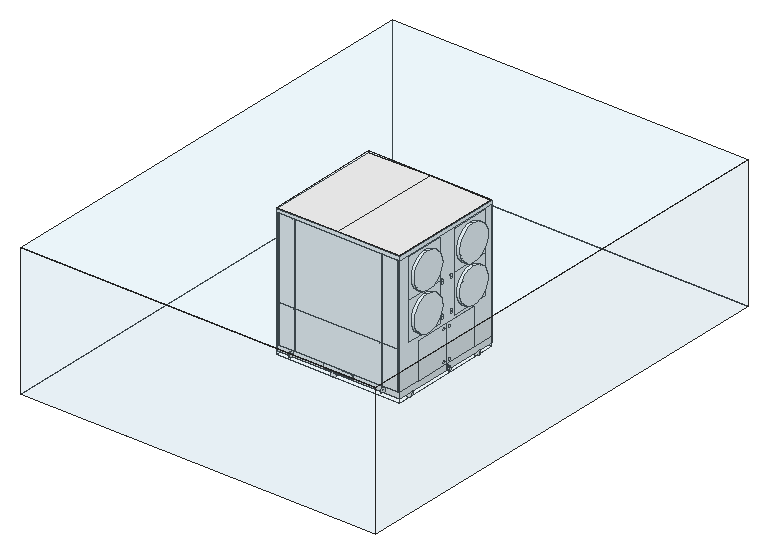
Revit family "VITOCAL 200-A PRO AWO-AC 204.A128 EN", category Mechanical Equipment, Revit 2021
Family settings
  Round Connector Dimension = Use Diameter
  Part Type = Normal
  OmniClass Number = 23.75.10.21.17
  OmniClass Title = Water-Source Heat Pumps
  Work Plane-Based = No
  Always vertical = Yes
  Cut with Voids When Loaded = No
  Shared = No
  Room Calculation Point = No
Parameters (values of type "VITOCAL 200-A PRO AWO-AC 204.A128")
  Heating water. Nominal volumetric flow = "19 380 l/h"
  Medium temperature application (W55). Rated heating power P-rated (kWt) = 108
  Medium temperature application (W55). Seasonal efficiency rating (SCOP) = 3.29
  Medium temperature application (W55). MT Energy efficiency ηS  (%) = 129
  Low temperature application (W35). Rated heating power / P-rated (kWt) = 99
  Width (overall) = 2280.00 mm
  Ventilator. Internal security = "B10A"
  Low temperature application (W35). Seasonal efficiency rating (SCOP) = 4.4
  Art of electrical protection = "IPX4"
  Compressor. Maximal operating current (A) = "2 x 53,4"
  Compressor. Maximal power consumption of the compressor (for parameters A2/W35, including fans) (kWe) = "2 x 14.600 kW"
  Hydraulic connections. Heating water supply and return (external thread) = "G 2½"
  Heat intake from outside air. Nominal volumetric air flow (m3/h) = "19 100 m3/h"
  Heat intake from outside air. Minimal inlet air temperature = "–20 °C"
  Heat intake from outside air. Maximal electrical power of fan(s) = "8 x 500 W"
  Heat intake from outside air. Maximal inlet air temperature = "35 °C"
  Heat intake from outside air. Amount of condensation water at 87% humidity = "60"
  Heating water. Water capacity of device = "17.3 l"
  Heating water. Flow Resistances of nominal volumetric flow = "7.1 kPa"
  Heating water. Flow Resistances of minimum volumetric flow = "2.9 kPa"
  Sound power level (dBA) = "71.6 dB(A)"
  Refrigeration circuit. Compressor = "Scroll"
  Refrigeration circuit. Type of oil in the compressor = "Idemitsu FV68S"
  Refrigeration circuit. Amount of oil in the compressor(s) = "2.8"
  Refrigeration circuit. Refrigerant quantity in the device = 43.00 kg
  Refrigeration circuit. CO2 equivalent = "76.3"
  Refrigeration circuit. Refrigerant medium = "R407C"
  Refrigeration circuit. Safety fittings = "A1"
  Refrigeration circuit. Global Warming Potential (GWP) = "1774"
  Ventilator. Rated voltage (v) = "1/N/PE 230 V/50 Hz"
  Heating water. Minimum volumetric flow (by 1 compressor running) = "2800 l/h"
  Heating water. Minimal return temperature (Inlet to device) = "20 °C"
  Heating water. Maximal supply temperature (Outlet from device) = "65 °C"
  Compressor. Max. cross-section of electrical connecting cables (mm2) = "16 mm2"
  Nominal cooling power (kWt) = 139.9 kW
  Nominal heating power (kWt) = 112.4 kW
  Compressor. Required security of electrical connection = "i 3 x C63A Kombi"
  URL = "https://www.viessmann.pl/"
  Required service area for the staff [instance] = yes
  COP factor of efficiency (heating mode) = 4.05
  Compressor. Compressor inrush current (A) = "2 x 122.7 A"
  Electrical Power consumption (kWe) = 27.77 kW
  Compressor. Rated voltage (v) = "3/N/PE 400 V/50 Hz"
  Electric power (kWe) for oilsump heating = "4 x 90"
  Total weight (basic unit without options) = 1850.00 kg
  Manufacturer = "Viessmann Sp. z o.o."
  Ventilator. Maximal electrical power consumption per 1 fan (kWe) = 500 W
  Low temperature application (W35). LT Energy efficiency ηS (%) = 173
  Length (overall) = 2130.00 mm
  Information = "Measurement of total sound power level based on standard EN ISO 12102/EN ISO 9614."
  Height (overall) = 2265.00 mm
  EER factor (cooling mode) = 5.23
  Maximum operating pressure (water side) = "6 bar"
  Description = "The Vitocal 200-A PRO heat pump extracts heat energy from the outside air and uses it for heating water in the heating circuit or domestic hot water circuit or in cooling mode - extracts heat from the building and releases it to the outside air.\r\nThanks to the air heater (evaporator) thermal energy, coming from the outside air constantly sucked in by the fan, is returned to the working medium (refrigerant - freon R407c). In the process, the refrigerant evaporates, with the help of an electrically driven compressor the temperature of the gaseous refrigerant is increased. In the so-called condenser, the refrigerant (R407c) is condensed again and can be fed back into the evaporator through the expansion valve.\r\nAfter evaporation and condensation, the heat energy from the refrigerant through condensation in the heat exchanger is transferred to the heating or cooling medium (water or glycol), and then to the buffer tank (not included in the scope of delivery) and then to the heating/or cooling system in building.\r\nWarning : \r\n- At low ambient temperatures, moisture accumulates in the evaporator as frost, which adversely affects the heat transfer. If necessary, the evaporator is automatically defrosted by the heat pump. Depending on the weather conditions, steam may be generated in the air outlet. Depending on the regional conditions, it is necessary to optimized unit during operation.\r\n- To ensure sound insulation, the unit must be connected via flexible hydraulic pipe connections."
  Model = "Air-to-water heat pumps with electic compressor, outdoor instalation, for space heating and domestic hot water heating in small and medium-sized commercial buildings: \r\n- Up to +65°C supply water temperature, \r\n- Depending on the type, with 1, 2 or 4 compressors, \r\n- With weather-controlled heating controller and graphical control module for wall mounting."
  Default Elevation = 0.00 mm
  Compressor. Cosine of electric current φ = 0.75
  Author = "www.archispace.pl"
  Art of color = Viessmann color 1
Reference planes
  plane 1 "Środek (Przód/Tył)": y = -30
  plane 2: z = 0
  plane 3 "Środek (Lewa/Prawa)": x = 0
  plane 4: y = 955
  plane 5: y = -1029
  plane 6: x = -1054.75
  plane 7: x = 1139
  plane 8: x = 1054.75
  plane 9: z = 2264.51
  plane 10: z = 68.2
  plane 11: x = -1141.293
  plane 12: x = 1141.333
  plane 13: z = 2198.05
  plane 14: x = 1073.007
Forms (mm)
  Extrusion 1, solid, material "Viessmann color 1" <- "Art of color", detail levels coarse
    sketch origin (0, 0, 0) x (1, 0, 0) y (0, 1, 0)
      loop
        line (-1141.293, 955) -> (-1141.293, -1029) -> (1141.333, -1029) -> (1141.333, 955) -> (-1141.293, 955)
    from 0 to 2264.51
  Extrusion 2, solid, material "Viessmann color 1" <- "Art of color", detail levels medium+fine
    sketch origin (0, 0, 0) x (0, 1, 0) y (0, 0, 1)
      loop
        line (-1015, 68.2) -> (948.5, 68.2) -> (948.5, 2198.05) -> (-1015, 2198.05) -> (-1015, 68.2)
    from -1050 to 1050
  Extrusion 3, solid, material "Viessmann color 1" <- "Art of color", detail levels medium+fine
    sketch origin (0, 0, 0) x (1, 0, 0) y (0, 1, 0)
      loop
        line (1052.75, 951.5) -> (1023.75, 951.5) -> (1023.75, 950) -> (1051.25, 950) -> (1051.25, -1024) -> (1023.75, -1024) -> (1023.75, -1025.5) -> (1052.75, -1025.5) -> (1052.75, 951.5)
    from 167.8 to 2198.05
  Extrusion 4, solid, material "Viessmann color 1" <- "Art of color", detail levels medium+fine
    sketch origin (0, 0, 0) x (1, 0, 0) y (0, 1, 0)
      loop
        circle (-1020.914, 683) r 39
      loop
        circle (-1020.914, -771) r 39
      loop
        circle (1019.086, -771) r 39
      loop
        circle (1019.086, 683) r 39
      loop
        circle (109.086, 888) r 39
      loop
        circle (-110.914, -976) r 39
    from 0 to 68.2
  Extrusion 5, solid, material "Viessmann color 1" <- "Art of color", detail levels medium+fine
    sketch origin (-557.926, -1377, 1200) x (-1, 0, 0) y (0, 0, 1)
      loop
        circle (-217.181, -466.737) r 12.089
      loop
        circle (-217.181, -416.737) r 12.089
      loop
        circle (-217.181, -366.737) r 12.089
      loop
        circle (-217.181, -316.737) r 12.089
      loop
        circle (-322.181, -466.737) r 12.089
      loop
        circle (-322.181, -416.737) r 12.089
      loop
        circle (-322.181, -366.737) r 12.089
      loop
        circle (-322.181, -316.737) r 12.089
    from 704.006 to 728.929
  Extrusion 6, solid, material "Viessmann color 1" <- "Art of color", detail levels medium+fine
    sketch origin (0, -7, 0) x (0, 1, 0) y (0, 0, 1)
      loop
        line (784.5, 1524.853) -> (784.5, 2180.853) -> (128.5, 2180.853) -> (128.5, 1524.853) -> (784.5, 1524.853)
      loop
        line (784.5, 864.853) -> (784.5, 1520.853) -> (128.5, 1520.853) -> (128.5, 864.853) -> (784.5, 864.853)
      loop
        line (-846.499, 1524.853) -> (-190.5, 1524.853) -> (-190.5, 2180.853) -> (-846.499, 2180.853) -> (-846.499, 1524.853)
      loop
        line (-846.499, 864.853) -> (-190.5, 864.853) -> (-190.5, 1520.853) -> (-846.499, 1520.853) -> (-846.499, 864.853)
    from -1072.967 to -1054.75
  Extrusion 7, solid, material "Viessmann color 1" <- "Art of color", detail levels medium+fine
    sketch origin (0, -7, 0) x (0, 1, 0) y (0, 0, 1)
      loop
        arc (452.66, 1553.206) -> (756.001, 1852.301) -> (453.762, 2152.511) r 299.669
        arc (453.762, 2152.511) -> (156.663, 1853.404) -> (452.66, 1553.206) r 299.669
      loop
        arc (451.096, 893.229) -> (755.943, 1186.939) -> (462.924, 1492.449) r 299.669
        arc (462.924, 1492.449) -> (156.721, 1198.767) -> (451.096, 893.229) r 299.669
      loop
        arc (-543.616, 894.224) -> (-219.143, 1183.526) -> (-524.988, 1492.455) r 299.669
        arc (-524.988, 1492.455) -> (-818.191, 1202.179) -> (-543.616, 894.224) r 299.669
      loop
        arc (-523.567, 2152.482) -> (-818.331, 1854.56) -> (-526.981, 1553.299) r 299.669
        arc (-526.981, 1553.299) -> (-219.003, 1851.145) -> (-523.567, 2152.482) r 299.669
    from -1141.293 to -1072.967
  Extrusion 8, solid, material "Viessmann color 1" <- "Art of color", detail levels medium+fine
    sketch origin (0, 0, 0) x (0, 1, 0) y (0, 0, 1)
      loop
        line (-844.5, 1524.853) -> (-188.5, 1524.853) -> (-188.5, 2180.853) -> (-844.5, 2180.853) -> (-844.5, 1524.853)
      loop
        line (-844.5, 864.853) -> (-188.5, 864.853) -> (-188.5, 1520.853) -> (-844.5, 1520.853) -> (-844.5, 864.853)
      loop
        line (130.5, 1524.853) -> (786.499, 1524.853) -> (786.499, 2180.853) -> (130.5, 2180.853) -> (130.5, 1524.853)
      loop
        line (130.5, 864.853) -> (786.499, 864.853) -> (786.499, 1520.853) -> (130.5, 1520.853) -> (130.5, 864.853)
    from 1054.75 to 1073.007
  Extrusion 9, solid, material "Viessmann color 1" <- "Art of color", detail levels medium+fine
    sketch origin (0, 0, 0) x (0, 1, 0) y (0, 0, 1)
      loop
        arc (452.66, 1553.206) -> (756.001, 1852.301) -> (453.762, 2152.511) r 299.669
        arc (453.762, 2152.511) -> (156.663, 1853.404) -> (452.66, 1553.206) r 299.669
      loop
        arc (451.096, 893.229) -> (755.943, 1186.939) -> (462.924, 1492.449) r 299.669
        arc (462.924, 1492.449) -> (156.721, 1198.767) -> (451.096, 893.229) r 299.669
      loop
        arc (-543.616, 894.224) -> (-219.143, 1183.526) -> (-524.988, 1492.455) r 299.669
        arc (-524.988, 1492.455) -> (-818.191, 1202.179) -> (-543.616, 894.224) r 299.669
      loop
        arc (-523.567, 2152.482) -> (-818.331, 1854.56) -> (-526.981, 1553.299) r 299.669
        arc (-526.981, 1553.299) -> (-219.003, 1851.145) -> (-523.567, 2152.482) r 299.669
    from 1073.007 to 1141.333
  Extrusion 10, solid, material "Viessmann color 1" <- "Art of color", detail levels medium+fine
    sketch origin (-557.926, -1377, 1200) x (-1, 0, 0) y (0, 0, 1)
      loop
        line (-557.926, 1064.51) -> (-1612.676, 1046.15) -> (-1612.676, 998.05) -> (496.824, 998.05) -> (496.824, 1046.15) -> (-557.926, 1064.51)
    from 348 to 2332
  Extrusion 11, solid, material "Viessmann color 1" <- "Art of color", detail levels medium+fine
    sketch origin (0, 0, 0) x (1, 0, 0) y (0, 1, 0)
      loop
        line (-1038.104, -1024) -> (-751.104, -1024) -> (-751.104, -1022.5) -> (-1038.104, -1022.5) -> (-1038.104, -1024)
      loop
        line (-748.896, -1024) -> (749.604, -1024) -> (749.604, -1022.5) -> (-748.896, -1022.5) -> (-748.896, -1024)
      loop
        line (1038.896, -1024) -> (1038.896, -1022.5) -> (751.896, -1022.5) -> (751.896, -1024) -> (1038.896, -1024)
      loop
        line (-1038.104, 950) -> (-1038.104, 948.5) -> (-751.104, 948.5) -> (-751.104, 950) -> (-1038.104, 950)
      loop
        line (-748.896, 950) -> (-748.896, 948.5) -> (749.604, 948.5) -> (749.604, 950) -> (-748.896, 950)
      loop
        line (1038.896, 950) -> (751.896, 950) -> (751.896, 948.5) -> (1038.896, 948.5) -> (1038.896, 950)
    from 167.8 to 817.8
  Extrusion 12, solid, material "Viessmann color 1" <- "Art of color", detail levels medium+fine
    sketch origin (0, 0, 0) x (1, 0, 0) y (0, 1, 0)
      loop
        line (-1038.104, -1024) -> (-751.104, -1024) -> (-751.104, -1022.5) -> (-1038.104, -1022.5) -> (-1038.104, -1024)
      loop
        line (-748.896, -1024) -> (749.604, -1024) -> (749.604, -1022.5) -> (-748.896, -1022.5) -> (-748.896, -1024)
      loop
        line (1038.896, -1024) -> (1038.896, -1022.5) -> (751.896, -1022.5) -> (751.896, -1024) -> (1038.896, -1024)
      loop
        line (-1038.104, 950) -> (-1038.104, 948.5) -> (-751.104, 948.5) -> (-751.104, 950) -> (-1038.104, 950)
      loop
        line (-748.896, 950) -> (-748.896, 948.5) -> (749.604, 948.5) -> (749.604, 950) -> (-748.896, 950)
      loop
        line (1038.896, 950) -> (751.896, 950) -> (751.896, 948.5) -> (1038.896, 948.5) -> (1038.896, 950)
    from 819.8 to 2198.05
  Extrusion 13, void
    sketch origin (0, 0, 0) x (0, 1, 0) y (0, 0, 1)
      loop
        line (-630, 167.8) -> (-623.272, 167.8) -> (-623.272, 783.8) -> (-30.272, 783.8) -> (-30.272, 167.8) -> (-29.372, 167.8) -> (-29.372, 783.8) -> (563.628, 783.8) -> (563.628, 167.8) -> (571.919, 167.8) -> (571.919, 789.287) -> (-630, 789.287) -> (-630, 167.8)
    from 1040 to 1054.75
  Extrusion 14, solid, material "Viessmann color 1" <- "Art of color", detail levels medium+fine
    sketch origin (0, 0, 0) x (0, 1, 0) y (0, 0, 1)
      loop
        circle (28.728, 732.8) r 16
      loop
        circle (-89.272, 223.8) r 16
      loop
        circle (28.728, 223.8) r 16
      loop
        circle (-89.272, 732.8) r 16
    from 1054.75 to 1059.759
  Extrusion 15, solid, material "Viessmann color 1" <- "Art of color", detail levels medium+fine
    sketch origin (-557.926, -1377, 1200) x (-1, 0, 0) y (0, 0, 1)
      loop
        line (-307.906, -1042.2) -> (-807.906, -1042.2) -> (-807.906, -1122.2) -> (-307.906, -1122.2) -> (-307.906, -1042.2)
    from 360 to 362
  Extrusion 16, solid, material "Viessmann color 1" <- "Art of color", detail levels medium+fine
    sketch origin (0, 0, 0) x (0, 1, 0) y (0, 0, 1)
      loop
        line (1042, 97.8) -> (1042, 137.8) -> (1022, 157.8) -> (948.5, 157.8) -> (948.5, 77.8) -> (1022, 77.8) -> (1042, 97.8)
      loop
        circle (1002, 117.8) r 20
    from -790.5 to -782.5
  Extrusion 17, solid, material "Viessmann color 1" <- "Art of color", detail levels medium+fine
    sketch origin (0, 0, 0) x (0, 1, 0) y (0, 0, 1)
      loop
        line (1042, 97.8) -> (1042, 137.8) -> (1022, 157.8) -> (948.5, 157.8) -> (948.5, 77.8) -> (1022, 77.8) -> (1042, 97.8)
      loop
        circle (1002, 117.8) r 20
    from 774.5 to 782.5
  Extrusion 18, solid, material "Viessmann color 1" <- "Art of color", detail levels medium+fine
    sketch origin (0, -46, 0) x (0, -1, 0) y (0, 0, -1)
      loop
        line (1042, -97.8) -> (1022, -77.8) -> (969, -77.8) -> (969, -157.8) -> (1022, -157.8) -> (1042, -137.8) -> (1042, -97.8)
      loop
        circle (1002, -117.8) r 20
    from -790.5 to -782.5
  Extrusion 19, solid, material "Viessmann color 1" <- "Art of color", detail levels medium+fine
    sketch origin (0, -46, 0) x (0, -1, 0) y (0, 0, -1)
      loop
        line (1042, -97.8) -> (1022, -77.8) -> (969, -77.8) -> (969, -157.8) -> (1022, -157.8) -> (1042, -137.8) -> (1042, -97.8)
      loop
        circle (1002, -117.8) r 20
    from 774.5 to 782.5
  Extrusion 20, solid, material "Viessmann color 1" <- "Art of color", detail levels medium+fine
    sketch origin (-557.926, -1377, 1200) x (-1, 0, 0) y (0, 0, 1)
      loop
        line (572.074, -1102.2) -> (572.074, -1062.2) -> (552.074, -1042.2) -> (492.074, -1042.2) -> (492.074, -1122.2) -> (552.074, -1122.2) -> (572.074, -1102.2)
      loop
        circle (532.074, -1082.2) r 20
    from 1343 to 1351
  Extrusion 21, solid, material "Viessmann color 1" <- "Art of color", detail levels medium+fine
    sketch origin (557.926, -1377, 1200) x (1, 0, 0) y (0, 0, -1)
      loop
        line (572.074, 1102.2) -> (552.074, 1122.2) -> (492.074, 1122.2) -> (492.074, 1042.2) -> (552.074, 1042.2) -> (572.074, 1062.2) -> (572.074, 1102.2)
      loop
        circle (532.074, 1082.2) r 20
    from 1343 to 1351
  Extrusion 22, solid, material "Viessmann color 1" <- "Art of color", detail levels medium+fine
    sketch origin (-557.926, -1377, 1200) x (-1, 0, 0) y (0, 0, 1)
      loop
        line (-307.906, -1042.2) -> (-807.906, -1042.2) -> (-807.906, -1122.2) -> (-307.906, -1122.2) -> (-307.906, -1042.2)
    from 2325.5 to 2327.5
  Extrusion 23, void
    sketch origin (0, 0, 0) x (0, 1, 0) y (0, 0, 1)
      loop
        arc (-19.419, 791.372) -> (-96.854, 743.938) -> (-38.672, 674.217) r 60
        arc (-38.672, 674.217) -> (21.557, 724.478) -> (-19.419, 791.372) r 60
      loop
        arc (-36.837, 259.447) -> (22.021, 317.813) -> (-33.594, 379.278) r 60
        arc (-33.594, 379.278) -> (-97.935, 321.06) -> (-36.837, 259.447) r 60
    from -1072.967 to -523.71
  Extrusion 24, solid, material "Viessmann color 1" <- "Art of color", detail levels medium+fine
    sketch origin (0, 0, 0) x (1, 0, 0) y (0, 1, 0)
      loop
        line (-1052.71, 951.5) -> (-1052.71, -36.5) -> (-1051.21, -36.5) -> (-1051.21, 950) -> (-1023.71, 950) -> (-1023.71, 951.5) -> (-1052.71, 951.5)
      loop
        line (-1052.71, -1025.5) -> (-1023.71, -1025.5) -> (-1023.71, -1024) -> (-1051.21, -1024) -> (-1051.21, -37.5) -> (-1052.71, -37.5) -> (-1052.71, -1025.5)
    from 167.8 to 817.8
  Extrusion 25, solid, material "Viessmann color 1" <- "Art of color", detail levels medium+fine
    sketch origin (0, 0, 0) x (1, 0, 0) y (0, 1, 0)
      loop
        line (-1052.71, 951.5) -> (-1052.71, -36.5) -> (-1051.21, -36.5) -> (-1051.21, 950) -> (-1023.71, 950) -> (-1023.71, 951.5) -> (-1052.71, 951.5)
      loop
        line (-1052.71, -1025.5) -> (-1023.71, -1025.5) -> (-1023.71, -1024) -> (-1051.21, -1024) -> (-1051.21, -37.5) -> (-1052.71, -37.5) -> (-1052.71, -1025.5)
    from 819.8 to 2198.05
  Extrusion 26, solid, material "Viessmann color 1" <- "Art of color", detail levels medium+fine
    sketch origin (0, 0, 0) x (0, 1, 0) y (0, 0, 1)
      loop
        circle (62, 1507.853) r 12.089
      loop
        circle (62, 1467.853) r 12.089
      loop
        circle (-137.919, 1507.853) r 12.089
      loop
        circle (-137.919, 1467.853) r 12.089
      loop
        circle (62, 972.853) r 12.089
      loop
        circle (62, 932.853) r 12.089
      loop
        circle (-137.919, 932.853) r 12.089
      loop
        circle (-137.919, 972.853) r 12.089
    from -1077.704 to -1054.75
  Extrusion 27, solid, material "Viessmann color 1" <- "Art of color", detail levels medium+fine
    sketch origin (0, 0, 0) x (0, 1, 0) y (0, 0, 1)
      loop
        circle (62, 1507.853) r 12.089
      loop
        circle (62, 1467.853) r 12.089
      loop
        circle (-137.919, 1507.853) r 12.089
      loop
        circle (-137.919, 1467.853) r 12.089
      loop
        circle (62, 972.853) r 12.089
      loop
        circle (62, 932.853) r 12.089
      loop
        circle (-137.919, 932.853) r 12.089
      loop
        circle (-137.919, 972.853) r 12.089
    from 1054.75 to 1077.744
  Extrusion 28, solid, material "Viessmann color 1" <- "Art of color", detail levels medium+fine
    sketch origin (0, 0, 0) x (0, 1, 0) y (0, 0, 1)
      loop
        circle (-37.648, 734.208) r 37.5
      loop
        circle (-37.648, 734.208) r 35
      loop
        circle (-37.957, 319.437) r 37.5
      loop
        circle (-37.957, 319.437) r 35
    from -1023.71 to -523.71
  Extrusion 29, solid, material "Viessmann service area", visible <- "Required service area for the staff"
    sketch origin (4373.089, 228.094, 0) x (1, 0, 0) y (0, 1, 0)
      loop
        line (-1318.339, -4257.094) -> (-1318.339, 3726.906) -> (-7427.839, 3726.906) -> (-7427.839, -4257.094) -> (-1318.339, -4257.094)
      loop
        line (-5427.839, 726.906) -> (-5427.839, -1257.094) -> (-3318.339, -1257.094) -> (-3318.339, 726.906) -> (-5427.839, 726.906)
    from 0 to 2264.51
  Extrusion 30, void
    sketch origin (0, 0, 0) x (1, 0, 0) y (0, 1, 0)
      loop
        line (-884.095, 244.905) -> (-949.905, 244.905) -> (-949.905, 99.095) -> (-884.095, 99.095) -> (-884.095, 244.905)
    from 68.2 to 100
Cuts and joins
  Extrusion 23, Extrusion 30 cuts Extrusion 2
  Extrusion 13, Extrusion 23 cuts Extrusion 3
  Extrusion 23 cuts Extrusion 24
Lines and regions (mm)
  model lines, detail levels medium+fine
    curve 1: line (469.98, 950, 933.8) -> (469.98, 950, 2182.8)
    curve 2: line (469.98, 950, 2182.8) -> (-475.02, 950, 2182.8)
    curve 3: line (-475.02, 950, 933.8) -> (-475.02, 950, 2182.8)
    curve 4: line (-475.02, 950, 933.8) -> (469.98, 950, 933.8)
    curve 5: line (-475.02, -1024, 2182.8) -> (469.98, -1024, 2182.8)
    curve 6: line (-475.02, -1024, 933.8) -> (-475.02, -1024, 2182.8)
    curve 7: line (469.98, -1024, 933.8) -> (-475.02, -1024, 933.8)
    curve 8: line (469.98, -1024, 2182.8) -> (469.98, -1024, 933.8)
Dimensions and locks
  plane 6 to plane 3 "Środek (Lewa/Prawa)" to plane 8 = 1054.75 mm, 1054.75 mm
  plane 4 to plane 1 "Środek (Przód/Tył)" to plane 5 = 985.00 mm, 999.00 mm
  plane 13 to plane 2 = 2198.05 mm
  aligned and locked: level to plane 2
  aligned and locked: Extrusion 1 sketch curve to plane 4
  aligned and locked: Extrusion 1 sketch curve to plane 11
  aligned and locked: plane 12 to Extrusion 1 sketch curve
  aligned and locked: plane 5 to Extrusion 1 sketch curve
  aligned and locked: Extrusion 1 to plane 9
Connectors
  piping at (-1023.71, -37.648, 734.208), diameter 75
    settings: on Extrusion 28, index 1, connector inside diameter 609.6 mm, connector length 0.00 mm, flow factor 0, pipe flow 0.0 m³/h, pressure drop 0.0 kPa, fitting loss kfactor 0, connector angle 0.00°, fixture units 0, engagement length 0.00 mm, angle of deflection 0.00°, flow configuration 0, flow direction 0, fitting loss method 0, system type 7, joint type 0, gender type 0, connector reference index -1, connector utility 0, adjustable connector no, is connector primary yes, connector description ""
  piping at (-1023.71, -37.957, 319.437), diameter 75
    settings: on Extrusion 28, index 2, connector inside diameter 609.6 mm, connector length 0.00 mm, flow factor 0, pipe flow 0.0 m³/h, pressure drop 0.0 kPa, fitting loss kfactor 0, connector angle 0.00°, fixture units 0, engagement length 0.00 mm, angle of deflection 0.00°, flow configuration 0, flow direction 0, fitting loss method 0, system type 8, joint type 0, gender type 0, connector reference index -1, connector utility 0, adjustable connector no, is connector primary no, connector description ""
  electrical at (-917, 172, 68.2), driven by "Electrical Power consumption (kWe)"
    settings: on cut or joined group of Extrusion 2, Extrusion 23, Extrusion 30, index 3, voltage 0 V, apparent load 27770 W, apparent load phase1 0 W, apparent load phase2 0 W, apparent load phase3 0 W, power factor 1, load classification "Other", number of poles 1, system type 30, power factor state 1, is connector primary yes, connector utility no, sub classification motor no, connector description ""
